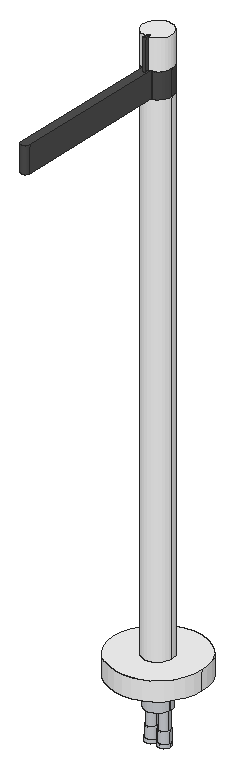
Revit family "Reece_Tap_Milli_Axon_Bath Mixer", category Plumbing Fixtures, host Face, Revit 2018
Family settings
  Host = Face
  Round Connector Dimension = Use Diameter
  Part Type = Normal
  Cut with Voids When Loaded = No
  Shared = Yes
  Room Calculation Point = Yes
Parameters (values of type "Chrome_Matte Black")
  WFU = 0  # constant formula
  URL = "https://www.reece.com.au/product/-2252088"
  Type Comments = "Tap"
  Reece_Tap_Reach = 235 mm  # constant formula
  Reece_Tap_Inlet = 12 mm  # constant formula
  Reece_Tap_Clearance = 769 mm  # constant formula
  Reece_Product_Web Page = "https://www.reece.com.au/product/-2252088"
  Reece_Product_Type = "Tap"  # constant formula
  Reece_Product_Sub Brand = "Axon"  # constant formula
  Reece_Product_Number = "2252088"
  Reece_Product_Mount = "Floor Mounted"
  Reece_Product_Description = "Milli Axon Floor Mount Bath Mixer Tap Chrome / Matte Black"
  Reece_Product_Brand = "Milli"  # constant formula
  Reece_Overall_Length = 315 mm  # constant formula
  Reece_Overall_Height = 850 mm  # constant formula
  Reece_Material_Secondary = Reece_Brass_Matte Black
  Reece_Material-Main = Reece_Brass_Chrome
  Reece_Detail_Installation = ""
  Reece_Detail_Disclaimer = "THIS FILE IS THE PROPERTY OF THE REECE GROUP. IT MAY NOT BE REPRODUCED, REVERSE-ENGINEERED OR MODIFIED. ANY REPUBLICATION, TRANSMISSION OR DISTRIBUTION FOR THE PURPOSE OF COMMERCIALLY EXPLOITING THE FILES IS PROHIBITED."  # constant formula
  Reece_Detail_Connector = ""
  Reece_Detail_Additional = ""
  Model = "Axon"
  Manufacturer = "Milli"
  Keynote = "Product #2252088, Reece_Tap_Milli_Axon_Bath Mixer - Chrome_Matte Black"
  HWFU = 0  # constant formula
  Disclaimer = "THIS FILE IS THE PROPERTY OF THE REECE GROUP. IT MAY NOT BE REPRODUCED, REVERSE-ENGINEERED OR MODIFIED. ANY REPUBLICATION, TRANSMISSION OR DISTRIBUTION FOR THE PURPOSE OF COMMERCIALLY EXPLOITING THE FILES IS PROHIBITED."  # constant formula
  Description = "Milli Axon Floor Mount Bath Mixer Tap Chrome / Matte Black"
  Default Elevation = 1000 mm
  Chrome_Matte Black = not(Chrome)  # yes
  Chrome = no
  CWFU = 0  # constant formula
Types (3, lengths in mm): name | URL | Reece_Product_Web Page | Reece_Product_Number | Reece_Product_Description | Reece_Material_Secondary | Keynote | Description | Chrome_Matte Black | Chrome
  (no name) | "https://www.reece.com.au/product/-2252087" | "https://www.reece.com.au/product/-2252087" | "2252087" | "Milli Axon Floor Mount Bath Mixer Tap Chrome" | Reece_Brass_Chrome | "Product #2252087, Reece_Tap_Milli_Axon_Bath Mixer -  " | "Milli Axon Floor Mount Bath Mixer Tap Chrome" | no | yes
  Chrome | "https://www.reece.com.au/product/-2252087" | "https://www.reece.com.au/product/-2252087" | "2252087" | "Milli Axon Floor Mount Bath Mixer Tap Chrome" | Reece_Brass_Chrome | "Product #2252087, Reece_Tap_Milli_Axon_Bath Mixer - Chrome" | "Milli Axon Floor Mount Bath Mixer Tap Chrome" | no | yes
  Chrome_Matte Black | "https://www.reece.com.au/product/-2252088" | "https://www.reece.com.au/product/-2252088" | "2252088" | "Milli Axon Floor Mount Bath Mixer Tap Chrome / Matte Black" | Reece_Brass_Matte Black | "Product #2252088, Reece_Tap_Milli_Axon_Bath Mixer - Chrome_Matte Black" | "Milli Axon Floor Mount Bath Mixer Tap Chrome / Matte Black" | yes | no
Reference planes
  plane 1 "Center (Front/Back)": y = 0
  plane 2 "Bottom": z = 0
  plane 3 "Center (Left/Right)": x = 0
  plane 4 "Top": z = 850
  plane 5: z = 806
  plane 6: z = 769
  plane 7: y = 65
  plane 8: y = -250
  plane 9: y = -235
  plane 10: y = -65
Forms (mm)
  Extrusion 1, solid, material "Reece_Brass_Chrome"
    sketch origin (-0.159, -0.384, 0) x (1, 0, 0) y (0, 1, 0)
      loop
        circle (0, 0) r 21
    from 0 to 769
  Extrusion 2, solid, material "Reece_Brass_Matte Black" <- "Reece_Material_Secondary"
    sketch origin (-0.159, -0.384, 529) x (1, 0, 0) y (0, 1, 0)
      loop
        circle (0, 0) r 21
    from 277 to 240
  Extrusion 3, solid, material "Reece_Brass_Matte Black" <- "Reece_Material_Secondary"
    sketch origin (-0.159, -0.384, 529) x (1, 0, 0) y (0, 1, 0)
      loop
        arc (-6.311, -243.278) -> (0.023, -249.612) -> (6.357, -243.278) r 6.334
        line (6.357, -243.278) -> (6.357, -20.734)
        arc (6.357, -20.734) -> (6.54, -20.157) -> (7.022, -19.791) r 1
        arc (7.022, -19.791) -> (0.023, -21) -> (-6.979, -19.806) r 21
        arc (-6.979, -19.806) -> (-6.495, -20.172) -> (-6.311, -20.75) r 1
        line (-6.311, -20.75) -> (-6.311, -243.278)
    from 240 to 277
  Sweep 4, solid, material "Reece_Brass_Matte Black" <- "Reece_Material_Secondary"
    path origin (-0.159, -109.751, 770.254) x (1, 0, 0) y (0, 1, 0)
      loop
        arc (-4, -126.492) -> (0, -130.492) -> (4, -126.492) r 4
        line (4, -126.492) -> (4, -107.249)
        arc (4, -107.249) -> (0, -103.249) -> (-4, -107.249) r 4
        line (-4, -107.249) -> (-4, -126.492)
    profile origin (-0.159, -240.243, 770.254) x (0, 1, 0) y (0, 0, 1)
      loop
        line (0, 0) -> (0, -2.628) -> (1.162, -2.628) -> (1.162, 0) -> (0, 0)
  Extrusion 5, solid, material "Reece_Brass_Matte Black" <- "Reece_Material_Secondary"
    sketch origin (-0.159, -111.283, 527.889) x (1, 0, 0) y (0, 1, 0)
      loop
        arc (-2, -125.271) -> (0, -127.271) -> (2, -125.271) r 2
        line (2, -125.271) -> (2, -113.387)
        arc (2, -113.387) -> (0, -111.387) -> (-2, -113.387) r 2
        line (-2, -113.387) -> (-2, -125.271)
      loop
        circle (0, -107.49) r 1.8
    from 239.737 to 241.537
  Extrusion 6, solid, material "Reece_Brass_Chrome" <- "Reece_Material-Main", visible <- "Chrome_Matte Black"
    sketch origin (-0.159, -0.384, 660.965) x (-1, 0, 0) y (0, -1, 0)
      loop
        arc (-2, 20.905) -> (0, -21) -> (2, 20.905) r 21
        line (2, 20.905) -> (2, 17.809)
        arc (2, 17.809) -> (0, 15.809) -> (-2, 17.809) r 2
        line (-2, 17.809) -> (-2, 20.905)
    from 145.035 to 189.035
  Extrusion 7, solid, material "Reece_Brass_Chrome"
    sketch origin (0, 0, 0) x (1, 0, 0) y (0, 1, 0)
      loop
        circle (0, 0) r 65
    from 0 to 27.52
  Extrusion 8, solid, material "Reece_Brass_Matte Black" <- "Reece_Material_Secondary", visible <- "Chrome_Matte Black"
    sketch origin (0, 0, 0) x (1, 0, 0) y (0, 1, 0)
      loop
        line (1.841, -24.384) -> (1.841, -21.288) -> (1.841, -18.193)
        arc (1.841, -18.193) -> (-0.159, -16.193) -> (-2.159, -18.193) r 2
        line (-2.159, -18.193) -> (-2.159, -21.288) -> (-2.159, -24.384)
        arc (-2.159, -24.384) -> (-0.159, -26.384) -> (1.841, -24.384) r 2
    from 806 to 850
  Extrusion 9, solid
    sketch origin (0, 0, 0) x (1, 0, 0) y (0, 1, 0)
      loop
        circle (-9.403, 0) r 6.992
      loop
        circle (9.348, 0) r 6.992
    from -88.29 to 0
  Extrusion 10, solid
    sketch origin (0, 0, 0) x (1, 0, 0) y (0, 1, 0)
      loop
        circle (0, 0) r 17.309
      loop
        circle (0, 0) r 18.491
    from -41.507 to 0
  Extrusion 11, solid
    sketch origin (0, 0, 0) x (1, 0, 0) y (0, 1, 0)
      loop
        circle (-9.403, 0.032) r 8
      loop
        circle (9.357, 0.032) r 8
    from -89.958 to -68.9
  Extrusion 12, solid
    sketch origin (0, 0, 0) x (1, 0, 0) y (0, 1, 0)
      loop
        circle (-9.403, 0.032) r 9
      loop
        circle (9.357, 0.032) r 9
    from -89.958 to -85.495
  Extrusion 13, solid, material "Reece_Brass_Chrome" <- "Reece_Material-Main", visible <- "Chrome"
    sketch origin (-0.159, -0.384, 660.965) x (-1, 0, 0) y (0, -1, 0)
      loop
        arc (-2, 20.905) -> (0, -21) -> (2, 20.905) r 21
        line (2, 20.905) -> (2, 24)
        arc (2, 24) -> (0, 26) -> (-2, 24) r 2
        line (-2, 24) -> (-2, 20.905)
    from 145.035 to 189.035
  Revolve 14, void
    sketch origin (0, 0, 0) x (0, 1, 0) y (0, 0, 1)
      loop
        line (0, 0) -> (0, -25) -> (20, -25) -> (20, 0) -> (0, 0)
      axis (0, -25) -> (0, 0)
    angle from 0 to 360
  Extrusion 15, void
    sketch origin (0, 0, 0) x (0, -1, 0) y (1, 0, 0)
      loop
        circle (0, -9.403) r 6.992
      loop
        circle (0, 9.348) r 6.992
    from 5 to 0
Cuts and joins
  Extrusion 15 cuts Extrusion 1
  Extrusion 15 cuts Extrusion 7
  joined: Extrusion 1, Extrusion 7
  Extrusion 15 cuts Extrusion 9
  Extrusion 15 cuts Extrusion 11
  Extrusion 15 cuts Extrusion 12
  joined: Extrusion 9, Extrusion 11, Extrusion 12
  joined: Extrusion 2, Extrusion 3, Sweep 4, Extrusion 5
Text (mm)
  text "Reece Copyright © 2018, Reece Ltd." at (-355.103, -199.564, 0), in view "Ref. Level"
  text "Reece ©" at (44.384, 258.95, 192.345), in view "Reece Preview"
Dimensions and locks
  "Reece_Overall_Height": plane 4 "Top" to plane 2 "Bottom"
  "Reece_Tap_Clearance": plane 6 to plane 2 "Bottom"
  "Reece_Tap_Reach": plane 1 "Center (Front/Back)" to plane 9
  plane 7 to plane 10 = 130 mm
  "Reece_Overall_Length": plane 7 to plane 8  (x2)
  "Reece_Overall_Height": plane 2 "Bottom" to Extrusion 6
  "Reece_Tap_Clearance": plane 2 "Bottom" to cut or joined group of Extrusion 1, Extrusion 7, Extrusion 15
  aligned and locked: plane 2 "Bottom" to host face
  aligned and locked: level to host face
Automatic sketch dimensions
  host sketch curve to host sketch curve = 380.785 mm
  host sketch curve to host sketch curve = 317.421 mm
  Extrusion 1 sketch curve to plane 3 "Center (Left/Right)" = 0.159 mm
  plane 1 "Center (Front/Back)" to Extrusion 1 sketch curve = 0.384 mm
  Extrusion 2 sketch curve to plane 3 "Center (Left/Right)" = 0.159 mm
  plane 1 "Center (Front/Back)" to Extrusion 2 sketch curve = 0.384 mm
  Extrusion 3 sketch curve to plane 3 "Center (Left/Right)" = 7.47 mm
  Extrusion 3 sketch curve to plane 3 "Center (Left/Right)" = 6.47 mm
  Extrusion 3 sketch curve to plane 3 "Center (Left/Right)" = 0.159 mm
  Extrusion 3 sketch curve to plane 3 "Center (Left/Right)" = 0.137 mm
  Extrusion 3 sketch curve to Extrusion 3 sketch curve = 1 mm
  Extrusion 3 sketch curve to plane 8 = 6.338 mm
  plane 1 "Center (Front/Back)" to Extrusion 3 sketch curve = 21.133 mm
  Extrusion 3 sketch curve to Extrusion 3 sketch curve = 0.016 mm
  plane 1 "Center (Front/Back)" to Extrusion 3 sketch curve = 0.384 mm
  Extrusion 3 sketch curve to Extrusion 3 sketch curve = 0.332 mm
  Extrusion 3 sketch curve to Extrusion 3 sketch curve = 0 mm  (x3)
  Extrusion 3 sketch curve to Extrusion 3 sketch curve = 0.334 mm
  plane 9 to Sweep 4 sketch curve = 1.243 mm
  Sweep 4 sketch curve to plane 3 "Center (Left/Right)" = 4.159 mm
  Sweep 4 sketch curve to plane 3 "Center (Left/Right)" = 0.159 mm
  Sweep 4 sketch curve to plane 9 = 18 mm
  Sweep 4 sketch curve to profile plane = 0 mm  (x2)
  Sweep 4 sketch curve to profile plane = 1.162 mm
  Sweep 4 sketch curve to profile plane = 2.628 mm
  Extrusion 5 sketch curve to plane 3 "Center (Left/Right)" = 2.159 mm
  Extrusion 5 sketch curve to plane 3 "Center (Left/Right)" = 0.159 mm  (x2)
  plane 9 to Extrusion 5 sketch curve = 1.554 mm
  Extrusion 5 sketch curve to plane 9 = 10.33 mm
  Extrusion 5 sketch curve to Extrusion 5 sketch curve = 5.897 mm
  plane 3 "Center (Left/Right)" to Extrusion 6 sketch curve = 1.841 mm
  Extrusion 6 sketch curve to plane 3 "Center (Left/Right)" = 0.159 mm  (x2)
  plane 1 "Center (Front/Back)" to Extrusion 6 sketch curve = 0.384 mm
  Extrusion 6 sketch curve to Extrusion 6 sketch curve = 17.809 mm
  Extrusion 6 sketch curve to Extrusion 6 sketch curve = 3.095 mm
  plane 1 "Center (Front/Back)" to Extrusion 7 sketch curve = 0 mm
  Extrusion 7 sketch curve to plane 3 "Center (Left/Right)" = 0 mm
  Extrusion 8 sketch curve to plane 3 "Center (Left/Right)" = 2.159 mm
  Extrusion 8 sketch curve to plane 3 "Center (Left/Right)" = 0.159 mm
  plane 1 "Center (Front/Back)" to Extrusion 8 sketch curve = 24.384 mm
  Extrusion 8 sketch curve to Extrusion 8 sketch curve = 3.095 mm  (x3)
  plane 1 "Center (Front/Back)" to Extrusion 9 sketch curve = 0 mm  (x2)
  Extrusion 9 sketch curve to plane 3 "Center (Left/Right)" = 9.403 mm
  plane 3 "Center (Left/Right)" to Extrusion 9 sketch curve = 9.348 mm
  Extrusion 10 sketch curve to Extrusion 10 sketch curve = 0 mm  (x2)
  plane 1 "Center (Front/Back)" to Extrusion 10 sketch curve = 0 mm
  Extrusion 10 sketch curve to plane 3 "Center (Left/Right)" = 0 mm
  Extrusion 11 sketch curve to plane 1 "Center (Front/Back)" = 0.032 mm  (x2)
  Extrusion 11 sketch curve to plane 3 "Center (Left/Right)" = 9.403 mm
  plane 3 "Center (Left/Right)" to Extrusion 11 sketch curve = 9.357 mm
  Extrusion 12 sketch curve to Extrusion 12 sketch curve = 0 mm  (x4)
  Extrusion 12 sketch curve to plane 1 "Center (Front/Back)" = 0.032 mm  (x3)
  Extrusion 12 sketch curve to plane 3 "Center (Left/Right)" = 9.403 mm
  plane 3 "Center (Left/Right)" to Extrusion 12 sketch curve = 9.357 mm
  Extrusion 12 sketch curve to Extrusion 12 sketch curve = 9 mm
  plane 3 "Center (Left/Right)" to Extrusion 12 sketch curve = 0.357 mm
  plane 3 "Center (Left/Right)" to Extrusion 13 sketch curve = 1.841 mm
  Extrusion 13 sketch curve to plane 3 "Center (Left/Right)" = 0.159 mm  (x2)
  plane 1 "Center (Front/Back)" to Extrusion 13 sketch curve = 0.384 mm
  Extrusion 13 sketch curve to Extrusion 13 sketch curve = 20.905 mm
  Extrusion 13 sketch curve to Extrusion 13 sketch curve = 3.095 mm
  Revolve 14 sketch curve to plane 1 "Center (Front/Back)" = 0 mm  (x2)
  level to Revolve 14 sketch curve = 0 mm  (x2)
  Revolve 14 sketch curve to Revolve 14 sketch curve = 20 mm
  Revolve 14 sketch curve to level = 25 mm
  Revolve 14 sketch curve to Revolve 14 sketch curve = 84.958 mm
  plane 1 "Center (Front/Back)" to Extrusion 15 sketch curve = 0 mm  (x2)
  Extrusion 15 sketch curve to plane 3 "Center (Left/Right)" = 9.403 mm
  plane 3 "Center (Left/Right)" to Extrusion 15 sketch curve = 9.348 mm
  radius of Extrusion 1 sketch curve = 21 mm
  radius of Extrusion 2 sketch curve = 21 mm
  radius of Extrusion 5 sketch curve = 1.8 mm
  radius of Extrusion 7 sketch curve = 65 mm
  radius of Extrusion 9 sketch curve = 6.992 mm  (x2)
  radius of Extrusion 10 sketch curve = 17.309 mm
  radius of Extrusion 10 sketch curve = 18.491 mm
  radius of Extrusion 11 sketch curve = 8 mm  (x2)
  radius of Extrusion 15 sketch curve = 6.992 mm  (x2)
Connectors
  piping at (-9.403, 0, 5), diameter 12, driven by "Reece_Tap_Inlet"
    settings: on cut or joined group of Extrusion 1, Extrusion 7, Extrusion 15, index 1, connector inside diameter 609.6 mm, connector length 0 mm, flow factor 0, pipe flow 0.0 L/s, pressure drop 0.0 Pa, fitting loss kfactor 0, connector angle 0.00°, fixture units 0, engagement length 0 mm, angle of deflection 0.00°, flow configuration 0, flow direction 1, fitting loss method 0, system type 29, joint type 0, gender type 0, connector reference index -1, connector utility 0, adjustable connector no, is connector primary yes, connector description ""
  piping at (9.348, 0, 5), diameter 12, driven by "Reece_Tap_Inlet"
    settings: on cut or joined group of Extrusion 1, Extrusion 7, Extrusion 15, index 2, connector inside diameter 609.6 mm, connector length 0 mm, flow factor 0, pipe flow 0.0 L/s, pressure drop 0.0 Pa, fitting loss kfactor 0, connector angle 0.00°, fixture units 0, engagement length 0 mm, angle of deflection 0.00°, flow configuration 0, flow direction 1, fitting loss method 0, system type 29, joint type 0, gender type 0, connector reference index -1, connector utility 0, adjustable connector no, is connector primary no, connector description ""
